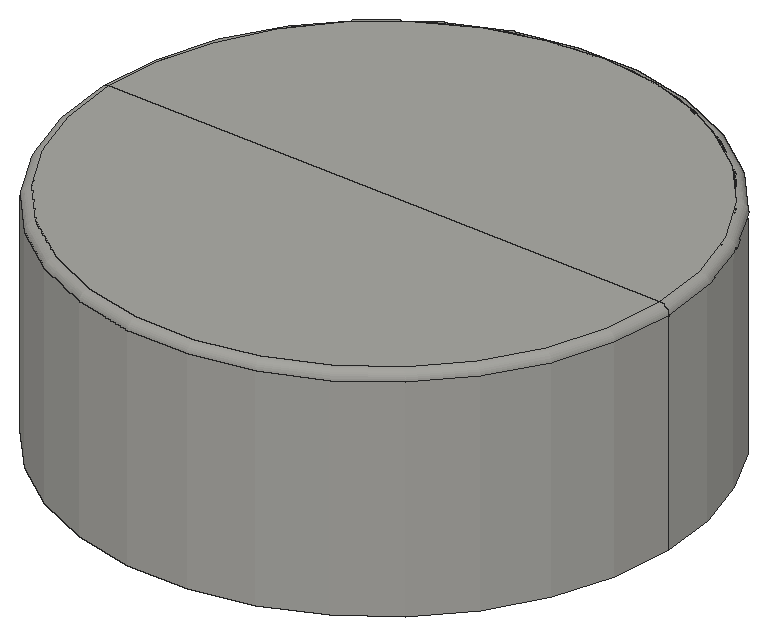
Revit family "MixerTap_Wall_Abey_PocoP_Shower_FaceBased", category Plumbing Fixtures, host Face, Revit 2022
Family settings
  Host = Face
  Round Connector Dimension = Use Diameter
  Part Type = Normal
  OmniClass Number = 23.31.11.19
  OmniClass Title = Faucet Mixing Valves
  Cut with Voids When Loaded = No
  Maintain Annotation Orientation = No
  Shared = No
  Room Calculation Point = No
Parameters (values of type "Gun Metal (8SH-EXT-GM)")
  Waste Connection = no
  Vent Connection = no
  Uniclass2015Version = "Products v1.38"
  Uniclass2015Title = "Mixer taps"
  Uniclass2015Code = "Pr_40_20_87_55"
  URL = "https://www.abey.com.au/"
  Type Comments = "Mixer Tap - Wall - Gun Metal"
  ModifiedIssue = 20251103
  Model = "8SH-EXT-GM"
  KnurledMaterial = Metal_Abey_GunMetal_Knurled
  BodyMaterial = Metal_Abey_GunMetal
  ManufacturerURLProductSpecific = "https://www.abeyspecifier.com.au/product/poco-p-bath-shower-mixer/"
  ManufacturerSpecCode = Model  # "8SH-EXT-GM"
  ManufacturerOverallWidth = 65 mm  # constant formula
  ManufacturerOverallHeight = 65 mm  # constant formula
  ManufacturerOverallDepth = 25 mm  # constant formula
  Manufacturer = "Abey"  # constant formula
  Keynote = ""
  IfcExportType = "FAUCET"
  IfcExportAs = "ifcValve"
  HW Connection = yes
  Description = "Poco P Bath/Shower Mixer"
  Default Elevation = 0 mm
  CreatedByURL = "https://igsgroup.com.au"
  CreatedBy = "IGS BIM Solutions"  # constant formula
  Cost = 0
  CW Connection = yes
  Assembly Code = "C1030210"
Types (3, lengths in mm): name | Type Comments | Model | KnurledMaterial | BodyMaterial | ManufacturerSpecCode
  Gun Metal (8SH-EXT-GM) | "Mixer Tap - Wall - Gun Metal" | "8SH-EXT-GM" | Metal_Abey_GunMetal_Knurled | Metal_Abey_GunMetal | "8SH-EXT-GM"
  Brushed Nickel (8SH-EXT-BN) | "Mixer Tap - Wall - Brushed Nickel" | "8SH-EXT-BN" | Metal_Abey_BrushedNickel_Knurled | Metal_Abey_BrushedNickel | "8SH-EXT-BN"
  Brushed Brass (8SH-EXT-BB) | "Mixer Tap - Wall - Brushed Brass" | "8SH-EXT-BB" | Metal_Abey_Brass_Knurled | Metal_Abey_Brass | "8SH-EXT-BB"
Reference planes
  plane 1 "Center (Elevation)": y = -28.25
  plane 2 "Back": z = 0
  plane 3 "Center (Left/Right)": x = 18.07
  plane 4 "Bottom": y = -60.75
  plane 5 "Top": y = 4.25
  plane 6 "Left": x = -14.43
  plane 7 "Right": x = 50.57
  plane 8 "Front": z = 25
Forms (mm)
  Extrusion 1, void
    sketch origin (0, 0, 0) x (1, 0, 0) y (0, 1, 0)
      loop
        circle (18.07, -28.074) r 16.081
    from 0 to -30
Text (mm)
  text "Disclaimer:\nDue to ongoing product development and manufacturing evolution, product details are subject to change without notice. Please refer to product technical data sheets on the manufacturers website for the most current product information. Please allow a +/- 5mm manufacturing tolerance for dimensions and set-outs shown in product literature." at (138.8, 67.161, 0), in view "Ref. Level"
Dimensions and locks
  "ManufacturerOverallDepth": plane 8 "Front" to plane 2 "Back"
  "ManufacturerOverallWidth": plane 6 "Left" to plane 7 "Right"
  "ManufacturerOverallHeight": plane 4 "Bottom" to plane 5 "Top"
  equal spacing: plane 6 "Left", plane 3 "Center (Left/Right)", plane 7 "Right"
  equal spacing: plane 4 "Bottom", plane 1 "Center (Elevation)", plane 5 "Top"
  aligned and locked: plane 2 "Back" to host face
  aligned and locked: level to host face
  aligned and locked: plane 3 "Center (Left/Right)" to nested 1
  aligned and locked: plane 1 "Center (Elevation)" to nested 1
  aligned and locked: host face to nested 1
Automatic sketch dimensions
  host sketch curve to host sketch curve = 102.112 mm
  host sketch curve to host sketch curve = 99.054 mm
  Extrusion 1 sketch curve to plane 3 "Center (Left/Right)" = 0 mm
  Extrusion 1 sketch curve to plane 1 "Center (Elevation)" = 0.176 mm
  radius of Extrusion 1 sketch curve = 16.081 mm
Nested families
  nested 1: "z_MixerTap_Wall_Abey_PocoP_Shower" at (75.57, -28.25, 52.5) x (1, 0, 0) z (0, 1, 0), type "Type 1"
Connectors
  piping at (11.012, -28.957, -1), diameter 12.7, driven by "HW Connection"
    settings: on nested 1, index 1, connector inside diameter 24", connector length 0 mm, flow factor 0, pipe flow 0.00 L/s, pressure drop 0 kPa, fitting loss kfactor 0, connector angle 0.00°, fixture units 0, engagement length 0 mm, angle of deflection 0.00°, flow configuration 2, flow direction 1, fitting loss method 0, system type 19, joint type 0, gender type 0, connector reference index -1, connector utility 1, adjustable connector no, is connector primary yes, connector description "Hot Water Supply"
  piping at (25.127, -28.957, -1), diameter 12.7, driven by "CW Connection"
    settings: on nested 1, index 2, connector inside diameter 24", connector length 0 mm, flow factor 0, pipe flow 0.00 L/s, pressure drop 0 kPa, fitting loss kfactor 0, connector angle 0.00°, fixture units 0, engagement length 0 mm, angle of deflection 0.00°, flow configuration 2, flow direction 1, fitting loss method 0, system type 20, joint type 0, gender type 0, connector reference index -1, connector utility 1, adjustable connector no, is connector primary no, connector description "Cold Water Supply"
Definition of nested family "z_MixerTap_Wall_Abey_PocoP_Shower"
  Parameters (values of type "Type 1")
    Waste Connection = no
    Vent Connection = no
    Uniclass2015Version = ""
    Uniclass2015Title = ""
    Uniclass2015Code = ""
    URL = "https://www.abey.com.au/"
    Type Comments = ""
    ModifiedIssue = 0
    Model = ""
    ManufacturerURLProductSpecific = ""
    ManufacturerSpecCode = ""
    ManufacturerOverallWidth = 65 mm  # constant formula
    ManufacturerOverallHeight = 65 mm  # constant formula
    ManufacturerOverallDepth = 25 mm  # constant formula
    Manufacturer = "Abey"  # constant formula
    KnurledMaterial = none
    IfcExportType = ""
    IfcExportAs = ""
    HW Connection = yes
    Description = ""
    Default Elevation = 0 mm
    CreatedByURL = "https://igsgroup.com.au"
    CreatedBy = "IGS BIM Solutions"  # constant formula
    CW Connection = yes
    BodyMaterial = none
    Assembly Code = ""
  Reference planes
    plane 1 "Ref. Level": z = 0
    plane 2 "Center (Left/Right)": x = -57.5
    plane 3 "Left": x = -90
    plane 4 "Right": x = -25
    plane 5 "Back": y = 52.5
    plane 6 "Bottom": z = -32.5
    plane 7 "Top": z = 32.5
    plane 8 "Center (Elevation)": z = 0
    plane 9 "Front": y = 27.5
  Forms (mm)
    Revolve 1, solid, material <- "BodyMaterial"
      sketch origin (0, 0, 0) x (0, -1, 0) y (1, 0, 0)
        loop
          line (-52.5, -57.5) -> (-27.5, -57.5) -> (-27.5, -26)
          arc (-27.5, -26) -> (-27.793, -25.293) -> (-28.5, -25) r 1
          line (-28.5, -25) -> (-52.5, -25) -> (-52.5, -57.5)
        axis (-52.5, -57.5) -> (-27.5, -57.5)
      angle from 0 to 360
    Extrusion 2, solid, material <- "BodyMaterial"
      sketch origin (0, 52.5, 0) x (1, 0, 0) y (0, 0, 1)
        loop
          circle (-64.557, -0.707) r 6.35
        loop
          circle (-50.443, -0.707) r 6.35
      from 0 to -1
  Lines and regions (mm)
    Masking region 1
      outline origin (0, 0, 32.5) x (0, -1, 0) y (1, 0, 0)
        loop
          arc (-27.5, -26) -> (-27.793, -25.293) -> (-28.5, -25) r 1
          line (-28.5, -25) -> (-52.5, -25) -> (-52.5, -90) -> (-28.5, -90)
          arc (-28.5, -90) -> (-27.793, -89.707) -> (-27.5, -89) r 1
          line (-27.5, -89) -> (-27.5, -26)
  Dimensions and locks
    "ManufacturerOverallWidth": plane 3 "Left" to plane 4 "Right"
    equal spacing: plane 7 "Top", plane 8 "Center (Elevation)", plane 6 "Bottom"
    "ManufacturerOverallHeight": plane 7 "Top" to plane 6 "Bottom"
    "ManufacturerOverallDepth": plane 9 "Front" to plane 5 "Back"
    equal spacing: plane 3 "Left", plane 2 "Center (Left/Right)", plane 4 "Right"
    aligned and locked: level to plane 1 "Ref. Level"
    aligned and locked: Revolve 1 sketch curve to plane 5 "Back"
    aligned and locked: Revolve 1 sketch curve to plane 2 "Center (Left/Right)"
    aligned and locked: plane 9 "Front" to Revolve 1 sketch curve
    aligned and locked: Revolve 1 sketch curve to plane 4 "Right"
  Automatic sketch dimensions
    Revolve 1 sketch curve to plane 2 "Center (Left/Right)" = 0 mm
    plane 5 "Back" to Revolve 1 sketch curve = 0 mm
    Revolve 1 sketch curve to plane 9 "Front" = 1 mm
    Revolve 1 sketch curve to plane 9 "Front" = 2.615 mm
    plane 8 "Center (Elevation)" to Extrusion 2 sketch curve = 0.707 mm  (x2)
    Extrusion 2 sketch curve to plane 2 "Center (Left/Right)" = 7.057 mm
    plane 2 "Center (Left/Right)" to Extrusion 2 sketch curve = 7.057 mm
    Masking region 1 sketch curve to plane 4 "Right" = 0 mm
    plane 5 "Back" to Masking region 1 sketch curve = 0 mm
    Masking region 1 sketch curve to plane 3 "Left" = 0 mm
    plane 9 "Front" to Masking region 1 sketch curve = 0 mm
    Masking region 1 sketch curve to plane 9 "Front" = 1 mm  (x2)
    radius of Extrusion 2 sketch curve = 6.35 mm  (x2)
